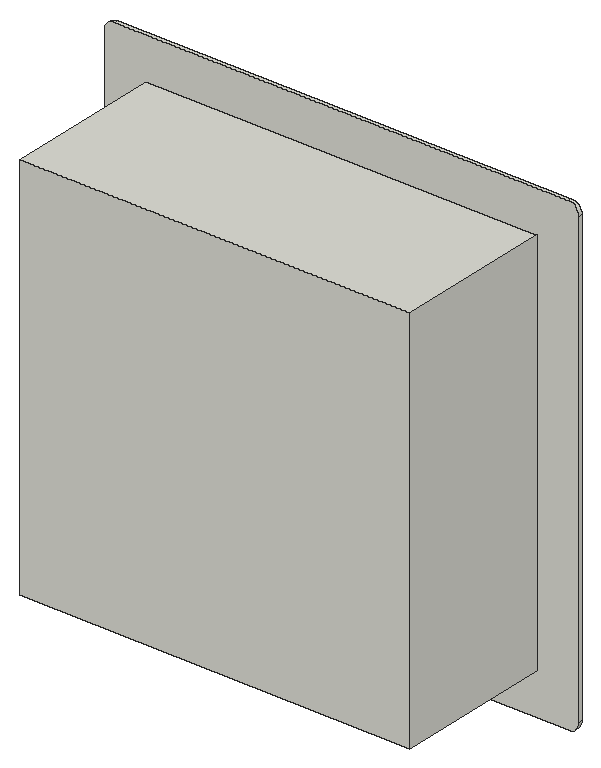
Revit family "Electrical-Box_FSR_OWB-CP1_FlushMount", category Electrical Fixtures, host Wall, Revit 2026
Family settings
  Host = Wall
  Round Connector Dimension = Use Diameter
  Part Type = Normal
  Classification Number = 23.85.10.17.11
  Always vertical = Yes
  Cut with Voids When Loaded = No
  Maintain Annotation Orientation = No
  Shared = No
  Room Calculation Point = No
Parameters (values of type "OWB-CP1-W-BPLT")
  Warranty Duration (Years) = 0
  URL = "http://www.fsrinc.com/"
  Trim Material = Material and Finish as Specified in 26 27 26
  Send Message = ""
  Keynote = "26 27 26"
  Internal Plate Type = Internal Plate : Blank Panel
  Glazing = Translucent Plastic
  Test Data = "ftp://doclib.fsrinc.com/"
  Specification = "http://www.arcat.com/specwizard/clients/fsrinc.html?coid=40389"
  Sales Information = "http://www.fsrinc.com/salesContacts.htm"
  Product Properties = ""
  Product Data = "http://www.arcat.com/arcatcos/cos40/arc40389.html"
  Model = "As Specified in 26 27 26"
  Embedment = 3 3/4"
  Description = "Electrical Box as Specified in 26 27 26"
  Default Elevation = 0"
  Cover Material = Material and Finish as Specified in 26 27 26
  Manufacturer Website = "http://www.fsrinc.com/"
  Manufacturer Phone - Toll Free = "800-332-3771"
  Manufacturer Phone = "973-785-4347"
  Manufacturer Fax = "973-785-4207"
  Manufacturer Address = "244 Bergen Blvd; West Paterson; NJ 07424"
  Manufacturer = "FSR Inc."
  Maintenance Schedule (Months) = 0
  Installation-Fabrication = "ftp://doclib.fsrinc.com/"
  Installation Phase = ""
  Gross Width = 9 1/4"
  Gross Projection = 5" - Embedment  # 1 1/4"
  Gross Height = 9 1/4"
  Gross Depth = 5"  # constant formula
  Green Building-LEED = "http://www.arcat.com/green/clients04/leed_data_40389.html"
  Expected Lifespan (Years) = 0
  Drawn By = "Robert S. Weygant, CSI, CDT, SCIP"  # constant formula
  Copyright = "2009, ARCAT, Inc."  # constant formula
  Construction Details = "ftp://doclib.fsrinc.com/"
  Connections = ""
  Building Codes = "ftp://doclib.fsrinc.com/"
  Box Type = OWB-CP1-W_Box : OWB-CP1-W_Box
  Body Material = Material and Finish as Specified in 26 27 26
  Assembly Code = "D5020100"
Types (10): name | Internal Plate Type | Box Type
  OWB-CP1-W-BPLT | Internal Plate : Blank Panel | OWB-CP1-W_Box : OWB-CP1-W_Box
  OWB-CP1-W-NXD5 | Internal Plate : AMX NXD 5" Touch Panel | OWB-CP1-W_Box : OWB-CP1-W_Box
  OWB-CP1-W-TPS2000 | Internal Plate : Crestron TPS2000 | OWB-CP1-W_Box : OWB-CP1-W_Box
  OWB-CP1-W-TPS4L | Internal Plate : Crestron TPS4L | OWB-CP1-W_Box : OWB-CP1-W_Box
  OWB-CP1-W | Internal Plate : None | OWB-CP1-W_Box : OWB-CP1-W_Box
  OWB-CP1-BPLT | Internal Plate : Blank Panel | OWB-CP1_Box : OWB-CP1_Box
  OWB-CP1-NXD5 | Internal Plate : AMX NXD 5" Touch Panel | OWB-CP1_Box : OWB-CP1_Box
  OWB-CP1-TPS2000 | Internal Plate : Crestron TPS2000 | OWB-CP1_Box : OWB-CP1_Box
  OWB-CP1-TPS4L | Internal Plate : Crestron TPS4L | OWB-CP1_Box : OWB-CP1_Box
  OWB-CP1 | Internal Plate : None | OWB-CP1_Box : OWB-CP1_Box
Reference planes (in)
  plane 1: y = 0
  plane 2 "Center (Left/Right)": x = 0.0468
  plane 3 "Wall Edge": y = 3
  plane 4 "Top": z = 82.67717
  plane 5: z = 73.42717
  plane 6 "Left": x = 4.6718
  plane 7 "Right": x = -4.5782
  plane 8: z = 78.05217
  plane 9: y = 4.25
  plane 10: y = 3
  plane 11: y = -0.75
  plane 12: x = 5.6718
  plane 13: x = -5.5782
  plane 14: z = 83.67717
  plane 15: z = 72.42717
Forms (in)
  Extrusion 1, void
    sketch origin (0, 3, 0) x (1, 0, 0) y (0, 0, 1)
      loop
        line (4.6718, 82.67717) -> (-4.5782, 82.67717) -> (-4.5782, 73.42717) -> (4.6718, 73.42717) -> (4.6718, 82.67717)
    from 0 to 3.75 <- "Gross Depth"
  Extrusion 2, solid, material "Material and Finish as Specified in 26 27 26" <- "Trim Material"
    sketch origin (0, 3, 0) x (1, 0, 0) y (0, 0, 1)
      loop
        line (5.4218, 83.67717) -> (-5.3282, 83.67717)
        arc (-5.3282, 83.67717) -> (-5.50497, 83.60394) -> (-5.5782, 83.42717) r 0.25
        line (-5.5782, 83.42717) -> (-5.5782, 72.67717)
        arc (-5.5782, 72.67717) -> (-5.50497, 72.50039) -> (-5.3282, 72.42717) r 0.25
        line (-5.3282, 72.42717) -> (5.4218, 72.42717)
        arc (5.4218, 72.42717) -> (5.59858, 72.50039) -> (5.6718, 72.67717) r 0.25
        line (5.6718, 72.67717) -> (5.6718, 83.42717)
        arc (5.6718, 83.42717) -> (5.59858, 83.60394) -> (5.4218, 83.67717) r 0.25
      loop
        line (4.6718, 82.67717) -> (-4.5782, 82.67717) -> (-4.5782, 73.42717) -> (4.6718, 73.42717) -> (4.6718, 82.67717)
    from 0 to -0.07813
Text (in)
  text "Interior" at (0, 40.15149, 123.01588), in view "A 203 - Side Elevation"
  text "Interior" at (-70.3804, 41.28885, 0), in view "A-101 Plan View"
  text "Interior" at (0, 81.62555, 140.59947), in view "Left"
  text "Exterior" at (-70.3804, -27.04218, 0), in view "A-101 Plan View"
  text "Exterior" at (0, -34.75086, 140.59947), in view "Left"
  text "Exterior" at (0, -52.24725, 123.01588), in view "A 203 - Side Elevation"
Dimensions and locks (in)
  locked: plane 3 "Wall Edge" to host wall
  equal spacing: plane 5, plane 8, plane 4 "Top"
  equal spacing: plane 7 "Right", plane 2 "Center (Left/Right)", plane 6 "Left"
  "Gross Width": plane 7 "Right" to plane 6 "Left"
  "Gross Height": plane 5 to plane 4 "Top"
  "Gross Projection": plane 9 to plane 10
  "Embedment": plane 11 to plane 10
  locked: nested 1 to plane 11 at 4.25
  locked: plane 7 "Right" to plane 13 at 1
  locked: plane 6 "Left" to plane 12 at 1
  locked: plane 4 "Top" to plane 14 at 1
  locked: plane 15 to plane 5 at 1
  aligned and locked: plane 3 "Wall Edge" to plane 10
  aligned and locked: plane 6 "Left" to Extrusion 1 sketch curve
  aligned and locked: plane 4 "Top" to Extrusion 1 sketch curve
  aligned and locked: plane 5 to Extrusion 1 sketch curve
  aligned and locked: Extrusion 1 sketch curve to plane 7 "Right"
  aligned and locked: nested 1 to plane 2 "Center (Left/Right)"
  aligned and locked: plane 8 to nested 1
  aligned and locked: Extrusion 1 to plane 11
Automatic sketch dimensions
  Extrusion 2 sketch curve to plane 13 = 0"
  Extrusion 2 sketch curve to plane 15 = 0"
  Extrusion 2 sketch curve to plane 14 = 0"
  Extrusion 2 sketch curve to plane 5 = 0"
  Extrusion 2 sketch curve to plane 7 "Right" = 0"
  Extrusion 2 sketch curve to plane 6 "Left" = 0"
  Extrusion 2 sketch curve to plane 12 = 0"
  Extrusion 2 sketch curve to plane 4 "Top" = 0"
  Extrusion 2 sketch curve to plane 13 = 1/4"  (x2)
  plane 12 to Extrusion 2 sketch curve = 1/4"
  Extrusion 2 sketch curve to Extrusion 2 sketch curve = 1/4"
Nested families (in)
  nested 1: "OWB-CP1-W_Box" at (0.0468, 3.5, 78.05217) x (-1, 0, 0) z (0, 0, 1), type <- "Box Type", type "OWB-CP1-W_Box"
Definition of nested family "OWB-CP1-W_Box"
  Parameters
    Material = none
    Width = 9 1/4"
    Height = 9 1/4"
    Glazing = none
    Depth = 5"
    Default Elevation = 0"
  Reference planes (in)
    plane 1 "Center (Front/Back)": y = 0
    plane 2 "Center (Elevation)": z = 0
    plane 3 "Center (Left/Right)": x = 0
    plane 4: y = 4.25
    plane 5: x = -4.625
    plane 6: x = 4.625
    plane 7: z = 4.625
    plane 8: z = -4.625
    plane 9 "Face": y = -0.75
    plane 10: x = -2.375
    plane 11: x = 2.375
    plane 12: z = 2.375
    plane 13: z = -2.375
  Forms (in)
    Extrusion 1, solid, material <- "Material"
      sketch origin (-15.18294, 4.25, 48) x (-1, 0, 0) y (0, 0, 1)
        loop
          line (-10.55794, -43.375) -> (-19.80794, -43.375) -> (-19.80794, -52.625) -> (-10.55794, -52.625) -> (-10.55794, -43.375)
      from 0 to -0.25
    Extrusion 2, solid, material <- "Material"
      sketch origin (0, 0, 0) x (1, 0, 0) y (0, 0, 1)
        loop
          line (-4.625, 4.625) -> (-4.625, -4.625) -> (4.625, -4.625) -> (4.625, 4.625) -> (-4.625, 4.625)
        loop
          line (-4.5, 4.5) -> (-4.5, -4.5) -> (4.5, -4.5) -> (4.5, 4.5) -> (-4.5, 4.5)
      from 0 to 0.75
    Extrusion 3, solid, material <- "Material"
      sketch origin (-5.6543, -0.75, 48) x (-1, 0, 0) y (0, 0, 1)
        loop
          line (-1.0293, -43.375) -> (-10.2793, -43.375) -> (-10.2793, -52.625) -> (-1.0293, -52.625) -> (-1.0293, -43.375)
        loop
          line (-7.7793, -50.375) -> (-3.5293, -50.375)
          arc (-3.5293, -50.375) -> (-3.35252, -50.30178) -> (-3.2793, -50.125) r 0.25
          line (-3.2793, -50.125) -> (-3.2793, -45.875)
          arc (-3.2793, -45.875) -> (-3.35252, -45.69822) -> (-3.5293, -45.625) r 0.25
          line (-3.5293, -45.625) -> (-7.7793, -45.625)
          arc (-7.7793, -45.625) -> (-7.95607, -45.69822) -> (-8.0293, -45.875) r 0.25
          line (-8.0293, -45.875) -> (-8.0293, -50.125)
          arc (-8.0293, -50.125) -> (-7.95607, -50.30178) -> (-7.7793, -50.375) r 0.25
      from 0 to 0.25
    Sweep 4, solid, material <- "Material"
      path in 3D
        loop
          line (-4.625, 4, 4.625) -> (-4.625, 4, -4.625) -> (4.625, 4, -4.625) -> (4.625, 4, 4.625) -> (-4.625, 4, 4.625)
      profile origin (0, 4, 4.625) x (0, -1, 0) y (0, 0, 1)
        loop
          line (0, 0) -> (0, -0.125) -> (3.69822, -0.125) -> (3.94822, -0.375) -> (4.25, -0.375) -> (4.25, -0.25) -> (4, -0.25) -> (3.75, 0) -> (0, 0)
    Extrusion 5, solid, material <- "Glazing"
      sketch origin (0, -0.75, 0) x (-1, 0, 0) y (0, 0, 1)
        loop
          arc (-2.125, 2.375) -> (-2.30178, 2.30178) -> (-2.375, 2.125) r 0.25
          line (-2.375, 2.125) -> (-2.375, -2.125)
          arc (-2.375, -2.125) -> (-2.30178, -2.30178) -> (-2.125, -2.375) r 0.25
          line (-2.125, -2.375) -> (2.125, -2.375)
          arc (2.125, -2.375) -> (2.30178, -2.30178) -> (2.375, -2.125) r 0.25
          line (2.375, -2.125) -> (2.375, 2.125)
          arc (2.375, 2.125) -> (2.30178, 2.30178) -> (2.125, 2.375) r 0.25
          line (2.125, 2.375) -> (-2.125, 2.375)
      from 0.0625 to 0.1875
  Cuts and joins
    joined: Extrusion 2, Extrusion 3
    joined: Extrusion 1, Sweep 4
  Lines and regions (in)
    sketch lines
      curve 1: line (4.625, 4, 4.625) -> (-4.625, 4, 4.625)
      curve 2: line (4.625, 4, -4.625) -> (4.625, 4, 4.625)
      curve 3: line (-4.625, 4, -4.625) -> (4.625, 4, -4.625)
      curve 4: line (-4.625, 4, 4.625) -> (-4.625, 4, -4.625)
  Dimensions and locks (in)
    equal spacing: plane 5, plane 3 "Center (Left/Right)", plane 6
    "Width": plane 5 to plane 6
    "Depth": plane 9 "Face" to plane 4
    equal spacing: plane 7, level, plane 8
    "Height": plane 7 to plane 8
    locked: plane 1 "Center (Front/Back)" to plane 9 "Face" at 0.75
    locked: nested 1 to plane 5 at 1.5
    locked: plane 1 "Center (Front/Back)" to Sweep 4 sketch curve at 0.25
    locked: Sweep 4 sketch curve to plane 1 "Center (Front/Back)" at 0.25
    locked: Sweep 4 sketch curve to plane 1 "Center (Front/Back)" at 0.30178
    plane 12 to level to plane 13 = 2 3/8" locked, 2 3/8" locked
    plane 11 to plane 3 "Center (Left/Right)" to plane 10 = 2 3/8" locked, 2 3/8" locked
    aligned and locked: level to nested 1
    aligned and locked: plane 9 "Face" to nested 1
    aligned and locked: Extrusion 2 to plane 9 "Face"
  Automatic sketch dimensions
    Extrusion 1 sketch curve to plane 6 = 0"
    Extrusion 1 sketch curve to plane 5 = 0"
    Extrusion 1 sketch curve to plane 8 = 0"
    Extrusion 1 sketch curve to plane 7 = 0"
    Extrusion 2 sketch curve to plane 5 = 0"
    plane 6 to Extrusion 2 sketch curve = 0"
    plane 7 to Extrusion 2 sketch curve = 0"
    Extrusion 2 sketch curve to plane 8 = 0"
    Extrusion 2 sketch curve to plane 6 = 1/8"
    Extrusion 2 sketch curve to plane 7 = 1/8"
    plane 5 to Extrusion 2 sketch curve = 1/8"
    plane 8 to Extrusion 2 sketch curve = 1/8"
    Sweep 4 sketch curve to profile plane = 0"  (x2)
    Sweep 4 sketch curve to profile plane = 1/8"
    Sweep 4 sketch curve to Sweep 4 sketch curve = 0.05178"
    Sweep 4 sketch curve to Sweep 4 sketch curve = 1/4"
    Sweep 4 sketch curve to profile plane = 1/4"
    Sweep 4 sketch curve to Sweep 4 sketch curve = 1/8"
    Extrusion 3 sketch curve to plane 6 = 0"
    Extrusion 3 sketch curve to plane 11 = 0"
    Extrusion 3 sketch curve to plane 13 = 0"
    Extrusion 3 sketch curve to plane 12 = 0"
    Extrusion 3 sketch curve to plane 10 = 0"
    Extrusion 3 sketch curve to plane 5 = 0"
    Extrusion 3 sketch curve to plane 8 = 0"
    Extrusion 3 sketch curve to plane 7 = 0"
    Extrusion 3 sketch curve to plane 11 = 1/4"  (x2)
    Extrusion 3 sketch curve to Extrusion 3 sketch curve = 1/4"  (x2)
    Extrusion 5 sketch curve to plane 11 = 0"
    Extrusion 5 sketch curve to plane 12 = 0"
    Extrusion 5 sketch curve to plane 13 = 0"
    Extrusion 5 sketch curve to plane 10 = 0"
    Extrusion 5 sketch curve to plane 11 = 1/4"  (x2)
    plane 10 to Extrusion 5 sketch curve = 1/4"
    Extrusion 5 sketch curve to Extrusion 5 sketch curve = 1/4"
  Nested families (in)
    nested 1: "OWB_Handle" at (-3.125, -0.75, 0) x (-1, 0, 0) z (0, 0, 1), type "OWB_Handle", detail levels medium+fine
  Definition of nested family "OWB_Handle"
    Parameters
      Material = none
      Default Elevation = 0"
    Reference planes (in)
      plane 1 "Center (Front/Back)": y = 0
      plane 2 "Center (Elevation)": z = 0
      plane 3 "Center (Left/Right)": x = 0
    Forms (in)
      Revolve 1, solid, material <- "Material"
        sketch origin (0, 0, 0) x (0, 1, 0) y (0, 0, 1)
          loop
            line (0.603, 0) -> (0.603, 0.1908)
            arc (0.603, 0.1908) -> (0.56929, 0.27468) -> (0.48692, 0.31191) r 0.12122
            line (0.48692, 0.31191) -> (0.142, 0.32655) -> (0.142, 0.358) -> (0.064, 0.436) -> (0, 0.436) -> (0, 0) -> (0.603, 0)
          axis (0.603, 0) -> (0, 0)
        angle from 0 to 360
      Extrusion 2, solid, material <- "Material"
        sketch origin (0, 0, 0) x (0, 1, 0) y (0, 0, 1)
          loop
            line (0.167, 0.38659) -> (0.167, -0.38659) -> (0.072, -0.48159) -> (0.072, -0.60588) -> (0.5782, -0.42164) -> (0.5782, 0.42164) -> (0.072, 0.60588) -> (0.072, 0.48159) -> (0.167, 0.38659)
        from 0.0625 to -0.0625
    Cuts and joins
      joined: Revolve 1, Extrusion 2
